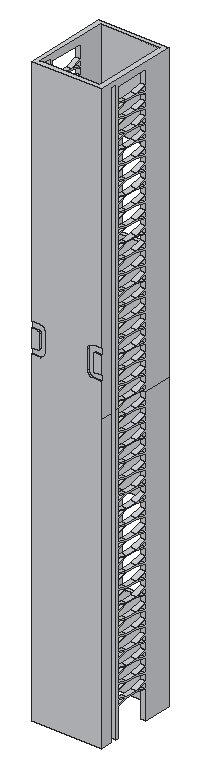
Revit family
Parameters
  Material ID = "760072926"
  Description = "Vertical Cable Management Kit, 10in X 96in (254mm X 2438mm) Single Sided, With Door, Silver\r\nical Cable Management Kit, 6in X 84in (152mm X 2134mm) Single Sided, With Door, Black\r\nVertical Cable Management Kit, 6in X 84in (152mm X 2134mm) Single Sided, With Door, Black\r\nVERTICAL CABLE MANAGEMENT KIT, 6IN X 84IN(152MM X 2134MM) SINGLE SIDED, WITH DOOR, BLACK"
Reference planes (in)
  plane 1 "Center (Front/Back)": y = 0
  plane 2: z = 0
  plane 3 "Center (Left/Right)": x = 0
Forms (in)
  Extrusion 1, void, not visible
    sketch origin (0, 0, 0) x (1, 0, 0) y (0, 0, 1)
      loop
        line (-7.85662, 0.48089) -> (-7.85662, -0.39002) -> (-7.67285, -0.39002) -> (-7.67285, -0.64002) -> (-7.0736, -0.64002) -> (-7.0736, -0.39002) -> (-6.92978, -0.39002) -> (-6.92978, 0.48089) -> (-7.85662, 0.48089)
    from -3.79215 to 12
  Extrusion 2, void, not visible
    sketch origin (0, 0, 0) x (1, 0, 0) y (0, 0, 1)
      loop
        line (-8.21397, 0.42583) -> (-8.21397, -0.07417) -> (-8.08657, -0.07417) -> (-8.08657, -0.27417) -> (-7.83657, -0.27417) -> (-7.83657, -0.07417) -> (-7.72497, -0.07417) -> (-7.72497, 0.42583) -> (-8.21397, 0.42583)
    from 0.74059 to 3.34334
  Extrusion 3, solid
    sketch origin (0, 0, 0) x (1, 0, 0) y (0, 0, 1)
      loop
        line (5, 42) -> (-5, 42) -> (-5, -42) -> (5, -42) -> (5, 0) -> (5, 42)
    from 11.281 to -0.669
  Extrusion 4, void
    sketch origin (0, 0, 0) x (1, 0, 0) y (0, 0, 1)
      loop
        line (-5, 9.00056) -> (-5, 8.06684) -> (-4.1, 8.06684)
        arc (-4.1, 8.06684) -> (-3.88787, 7.97898) -> (-3.8, 7.76684) r 0.3
        line (-3.8, 7.76684) -> (-3.8, 5.85056)
        arc (-3.8, 5.85056) -> (-3.88787, 5.63843) -> (-4.1, 5.55056) r 0.3
        line (-4.1, 5.55056) -> (-5, 5.55056) -> (-5, 4.75056) -> (-3.8, 4.75056)
        arc (-3.8, 4.75056) -> (-3.23431, 4.98488) -> (-3, 5.55056) r 0.8
        line (-3, 5.55056) -> (-3, 8.20056)
        arc (-3, 8.20056) -> (-3.23431, 8.76625) -> (-3.8, 9.00056) r 0.8
        line (-3.8, 9.00056) -> (-5, 9.00056)
      loop
        line (5, 9.00056) -> (3.8, 9.00056)
        arc (3.8, 9.00056) -> (3.23431, 8.76625) -> (3, 8.20056) r 0.8
        line (3, 8.20056) -> (3, 5.55056)
        arc (3, 5.55056) -> (3.23431, 4.98488) -> (3.8, 4.75056) r 0.8
        line (3.8, 4.75056) -> (5, 4.75056) -> (5, 5.55056) -> (4.1, 5.55056)
        arc (4.1, 5.55056) -> (3.88787, 5.63843) -> (3.8, 5.85056) r 0.3
        line (3.8, 5.85056) -> (3.8, 7.76684)
        arc (3.8, 7.76684) -> (3.88787, 7.97898) -> (4.1, 8.06684) r 0.3
        line (4.1, 8.06684) -> (5, 8.06684) -> (5, 9.00056)
    from 11.08569 to 11.281
  Extrusion 5, void
    sketch origin (0, 0, 0) x (1, 0, 0) y (0, 1, 0)
      loop
        line (4.20983, 0.0885) -> (-4.29017, 0.0885) -> (-4.29017, -10.6615) -> (4.20983, -10.6615) -> (4.20983, 0.0885)
    from -58.88014 to 54.97812
  Extrusion 6, void
    sketch origin (0, 0, 0) x (0, 1, 0) y (0, 0, 1)
      loop
        line (-3.37841, 39.06909) -> (-3.37841, 41.06909) -> (-8.50915, 41.06909) -> (-8.50915, 39.06909) -> (-6.81878, 38.61615) -> (-5.06878, 38.61615) -> (-3.37841, 39.06909)
      loop
        line (-3.37841, 38.06909) -> (-5.06878, 38.52202) -> (-6.81878, 38.52202) -> (-8.50915, 38.06909) -> (-8.50915, 37.81909) -> (-8.50915, 37.06909) -> (-6.81878, 36.61615) -> (-5.06878, 36.61615) -> (-3.37841, 37.06909) -> (-3.37841, 37.81909) -> (-3.37841, 38.06909)
      loop
        line (-3.37841, 39.00985) -> (-4.9864, 38.57899) -> (-3.37841, 38.14813) -> (-3.37841, 39.00985)
      loop
        line (-8.50915, 39.00985) -> (-8.50915, 38.14813) -> (-6.90115, 38.57899) -> (-8.50915, 39.00985)
      loop
        line (-3.37841, 36.06909) -> (-5.06878, 36.52202) -> (-6.81878, 36.52202) -> (-8.50915, 36.06909) -> (-8.50915, 35.06909) -> (-6.81878, 34.61615) -> (-5.06878, 34.61615) -> (-3.37841, 35.06909) -> (-3.37841, 36.06909)
      loop
        line (-3.37841, 37.00985) -> (-4.9864, 36.57899) -> (-3.37841, 36.14813) -> (-3.37841, 37.00985)
      loop
        line (-8.50915, 37.00985) -> (-8.50915, 36.14813) -> (-6.90115, 36.57899) -> (-8.50915, 37.00985)
      loop
        line (-3.37841, 34.06909) -> (-5.06878, 34.52202) -> (-6.81878, 34.52202) -> (-8.50915, 34.06909) -> (-8.50915, 33.06909) -> (-6.81878, 32.61615) -> (-5.06878, 32.61615) -> (-3.37841, 33.06909) -> (-3.37841, 34.06909)
      loop
        line (-3.37841, 35.00985) -> (-4.9864, 34.57899) -> (-3.37841, 34.14813) -> (-3.37841, 35.00985)
      loop
        line (-8.50915, 35.00985) -> (-8.50915, 34.14813) -> (-6.90115, 34.57899) -> (-8.50915, 35.00985)
      loop
        line (-3.37841, 32.06909) -> (-5.06878, 32.52202) -> (-6.81878, 32.52202) -> (-8.50915, 32.06909) -> (-8.50915, 31.06909) -> (-6.81878, 30.61615) -> (-5.06878, 30.61615) -> (-3.37841, 31.06909) -> (-3.37841, 32.06909)
      loop
        line (-3.37841, 33.00985) -> (-4.9864, 32.57899) -> (-3.37841, 32.14813) -> (-3.37841, 33.00985)
      loop
        line (-8.50915, 33.00985) -> (-8.50915, 32.14813) -> (-6.90115, 32.57899) -> (-8.50915, 33.00985)
      loop
        line (-3.37841, 30.06909) -> (-5.06878, 30.52202) -> (-6.81878, 30.52202) -> (-8.50915, 30.06909) -> (-8.50915, 29.06909) -> (-6.81878, 28.61615) -> (-5.06878, 28.61615) -> (-3.37841, 29.06909) -> (-3.37841, 30.06909)
      loop
        line (-3.37841, 31.00985) -> (-4.9864, 30.57899) -> (-3.37841, 30.14813) -> (-3.37841, 31.00985)
      loop
        line (-8.50915, 31.00985) -> (-8.50915, 30.14813) -> (-6.90115, 30.57899) -> (-8.50915, 31.00985)
      loop
        line (-3.37841, 28.06909) -> (-5.06878, 28.52202) -> (-6.81878, 28.52202) -> (-8.50915, 28.06909) -> (-8.50915, 27.06909) -> (-6.81878, 26.61615) -> (-5.06878, 26.61615) -> (-3.37841, 27.06909) -> (-3.37841, 28.06909)
      loop
        line (-3.37841, 29.00985) -> (-4.9864, 28.57899) -> (-3.37841, 28.14813) -> (-3.37841, 29.00985)
      loop
        line (-8.50915, 29.00985) -> (-8.50915, 28.14813) -> (-6.90115, 28.57899) -> (-8.50915, 29.00985)
      loop
        line (-3.37841, 26.06909) -> (-5.06878, 26.52202) -> (-6.81878, 26.52202) -> (-8.50915, 26.06909) -> (-8.50915, 25.06909) -> (-6.81878, 24.61615) -> (-5.06878, 24.61615) -> (-3.37841, 25.06909) -> (-3.37841, 26.06909)
      loop
        line (-3.37841, 27.00985) -> (-4.9864, 26.57899) -> (-3.37841, 26.14813) -> (-3.37841, 27.00985)
      loop
        line (-8.50915, 27.00985) -> (-8.50915, 26.14813) -> (-6.90115, 26.57899) -> (-8.50915, 27.00985)
      loop
        line (-3.37841, 24.06909) -> (-5.06878, 24.52202) -> (-6.81878, 24.52202) -> (-8.50915, 24.06909) -> (-8.50915, 23.06909) -> (-6.81878, 22.61615) -> (-5.06878, 22.61615) -> (-3.37841, 23.06909) -> (-3.37841, 24.06909)
      loop
        line (-3.37841, 25.00985) -> (-4.9864, 24.57899) -> (-3.37841, 24.14813) -> (-3.37841, 25.00985)
      loop
        line (-8.50915, 25.00985) -> (-8.50915, 24.14813) -> (-6.90115, 24.57899) -> (-8.50915, 25.00985)
      loop
        line (-3.37841, 22.06909) -> (-5.06878, 22.52202) -> (-6.81878, 22.52202) -> (-8.50915, 22.06909) -> (-8.50915, 21.06909) -> (-6.81878, 20.61615) -> (-5.06878, 20.61615) -> (-3.37841, 21.06909) -> (-3.37841, 22.06909)
      loop
        line (-3.37841, 23.00985) -> (-4.9864, 22.57899) -> (-3.37841, 22.14813) -> (-3.37841, 23.00985)
      loop
        line (-8.50915, 23.00985) -> (-8.50915, 22.14813) -> (-6.90115, 22.57899) -> (-8.50915, 23.00985)
      loop
        line (-3.37841, 20.06909) -> (-5.06878, 20.52202) -> (-6.81878, 20.52202) -> (-8.50915, 20.06909) -> (-8.50915, 19.06909) -> (-6.81878, 18.61615) -> (-5.06878, 18.61615) -> (-3.37841, 19.06909) -> (-3.37841, 20.06909)
      loop
        line (-3.37841, 21.00985) -> (-4.9864, 20.57899) -> (-3.37841, 20.14813) -> (-3.37841, 21.00985)
      loop
        line (-8.50915, 21.00985) -> (-8.50915, 20.14813) -> (-6.90115, 20.57899) -> (-8.50915, 21.00985)
      loop
        line (-3.37841, 18.06909) -> (-5.06878, 18.52202) -> (-6.81878, 18.52202) -> (-8.50915, 18.06909) -> (-8.50915, 17.06909) -> (-6.81878, 16.61615) -> (-5.06878, 16.61615) -> (-3.37841, 17.06909) -> (-3.37841, 18.06909)
      loop
        line (-3.37841, 19.00985) -> (-4.9864, 18.57899) -> (-3.37841, 18.14813) -> (-3.37841, 19.00985)
      loop
        line (-8.50915, 19.00985) -> (-8.50915, 18.14813) -> (-6.90115, 18.57899) -> (-8.50915, 19.00985)
      loop
        line (-3.37841, 16.06909) -> (-5.06878, 16.52202) -> (-6.81878, 16.52202) -> (-8.50915, 16.06909) -> (-8.50915, 15.06909) -> (-6.81878, 14.61615) -> (-5.06878, 14.61615) -> (-3.37841, 15.06909) -> (-3.37841, 16.06909)
      loop
        line (-3.37841, 17.00985) -> (-4.9864, 16.57899) -> (-3.37841, 16.14813) -> (-3.37841, 17.00985)
      loop
        line (-8.50915, 17.00985) -> (-8.50915, 16.14813) -> (-6.90115, 16.57899) -> (-8.50915, 17.00985)
      loop
        line (-3.37841, 14.06909) -> (-5.06878, 14.52202) -> (-6.81878, 14.52202) -> (-8.50915, 14.06909) -> (-8.50915, 13.06909) -> (-6.81878, 12.61615) -> (-5.06878, 12.61615) -> (-3.37841, 13.06909) -> (-3.37841, 14.06909)
      loop
        line (-3.37841, 15.00985) -> (-4.9864, 14.57899) -> (-3.37841, 14.14813) -> (-3.37841, 15.00985)
      loop
        line (-8.50915, 15.00985) -> (-8.50915, 14.14813) -> (-6.90115, 14.57899) -> (-8.50915, 15.00985)
      loop
        line (-3.37841, 12.06909) -> (-5.06878, 12.52202) -> (-6.81878, 12.52202) -> (-8.50915, 12.06909) -> (-8.50915, 11.06909) -> (-6.81878, 10.61615) -> (-5.06878, 10.61615) -> (-3.37841, 11.06909) -> (-3.37841, 12.06909)
      loop
        line (-3.37841, 13.00985) -> (-4.9864, 12.57899) -> (-3.37841, 12.14813) -> (-3.37841, 13.00985)
      loop
        line (-8.50915, 13.00985) -> (-8.50915, 12.14813) -> (-6.90115, 12.57899) -> (-8.50915, 13.00985)
      loop
        line (-3.37841, 10.06909) -> (-5.06878, 10.52202) -> (-6.81878, 10.52202) -> (-8.50915, 10.06909) -> (-8.50915, 9.06909) -> (-6.81878, 8.61615) -> (-5.06878, 8.61615) -> (-3.37841, 9.06909) -> (-3.37841, 10.06909)
      loop
        line (-3.37841, 11.00985) -> (-4.9864, 10.57899) -> (-3.37841, 10.14813) -> (-3.37841, 11.00985)
      loop
        line (-8.50915, 11.00985) -> (-8.50915, 10.14813) -> (-6.90115, 10.57899) -> (-8.50915, 11.00985)
      loop
        line (-3.37841, 8.06909) -> (-5.06878, 8.52202) -> (-6.81878, 8.52202) -> (-8.50915, 8.06909) -> (-8.50915, 7.06909) -> (-6.81878, 6.61615) -> (-5.06878, 6.61615) -> (-3.37841, 7.06909) -> (-3.37841, 8.06909)
      loop
        line (-3.37841, 9.00985) -> (-4.9864, 8.57899) -> (-3.37841, 8.14813) -> (-3.37841, 9.00985)
      loop
        line (-8.50915, 9.00985) -> (-8.50915, 8.14813) -> (-6.90115, 8.57899) -> (-8.50915, 9.00985)
      loop
        line (-3.37841, 6.06909) -> (-5.06878, 6.52202) -> (-6.81878, 6.52202) -> (-8.50915, 6.06909) -> (-8.50915, 5.06909) -> (-6.81878, 4.61615) -> (-5.06878, 4.61615) -> (-3.37841, 5.06909) -> (-3.37841, 6.06909)
      loop
        line (-3.37841, 7.00985) -> (-4.9864, 6.57899) -> (-3.37841, 6.14813) -> (-3.37841, 7.00985)
      loop
        line (-8.50915, 7.00985) -> (-8.50915, 6.14813) -> (-6.90115, 6.57899) -> (-8.50915, 7.00985)
      loop
        line (-3.37841, 4.06909) -> (-5.06878, 4.52202) -> (-6.81878, 4.52202) -> (-8.50915, 4.06909) -> (-8.50915, 3.06909) -> (-6.81878, 2.61615) -> (-5.06878, 2.61615) -> (-3.37841, 3.06909) -> (-3.37841, 4.06909)
      loop
        line (-3.37841, 5.00985) -> (-4.9864, 4.57899) -> (-3.37841, 4.14813) -> (-3.37841, 5.00985)
      loop
        line (-8.50915, 5.00985) -> (-8.50915, 4.14813) -> (-6.90115, 4.57899) -> (-8.50915, 5.00985)
      loop
        line (-3.37841, 2.06909) -> (-5.06878, 2.52202) -> (-6.81878, 2.52202) -> (-8.50915, 2.06909) -> (-8.50915, 1.06909) -> (-6.81878, 0.61615) -> (-5.06878, 0.61615) -> (-3.37841, 1.06909) -> (-3.37841, 2.06909)
      loop
        line (-3.37841, 3.00985) -> (-4.9864, 2.57899) -> (-3.37841, 2.14813) -> (-3.37841, 3.00985)
      loop
        line (-8.50915, 3.00985) -> (-8.50915, 2.14813) -> (-6.90115, 2.57899) -> (-8.50915, 3.00985)
      loop
        line (-3.37841, 0.06909) -> (-5.06878, 0.52202) -> (-6.81878, 0.52202) -> (-8.50915, 0.06909) -> (-8.50915, -0.93091) -> (-6.81878, -1.38385) -> (-5.06878, -1.38385) -> (-3.37841, -0.93091) -> (-3.37841, 0.06909)
      loop
        line (-3.37841, 1.00985) -> (-4.9864, 0.57899) -> (-3.37841, 0.14813) -> (-3.37841, 1.00985)
      loop
        line (-8.50915, 1.00985) -> (-8.50915, 0.14813) -> (-6.90115, 0.57899) -> (-8.50915, 1.00985)
      loop
        line (-3.37841, -1.93091) -> (-5.06878, -1.47798) -> (-6.81878, -1.47798) -> (-8.50915, -1.93091) -> (-8.50915, -2.93091) -> (-6.81878, -3.38385) -> (-5.06878, -3.38385) -> (-3.37841, -2.93091) -> (-3.37841, -1.93091)
      loop
        line (-3.37841, -0.99015) -> (-4.9864, -1.42101) -> (-3.37841, -1.85187) -> (-3.37841, -0.99015)
      loop
        line (-8.50915, -0.99015) -> (-8.50915, -1.85187) -> (-6.90115, -1.42101) -> (-8.50915, -0.99015)
      loop
        line (-3.37841, -3.93091) -> (-5.06878, -3.47798) -> (-6.81878, -3.47798) -> (-8.50915, -3.93091) -> (-8.50915, -4.93091) -> (-6.81878, -5.38385) -> (-5.06878, -5.38385) -> (-3.37841, -4.93091) -> (-3.37841, -3.93091)
      loop
        line (-3.37841, -2.99015) -> (-4.9864, -3.42101) -> (-3.37841, -3.85187) -> (-3.37841, -2.99015)
      loop
        line (-8.50915, -2.99015) -> (-8.50915, -3.85187) -> (-6.90115, -3.42101) -> (-8.50915, -2.99015)
      loop
        line (-3.37841, -5.93091) -> (-5.06878, -5.47798) -> (-6.81878, -5.47798) -> (-8.50915, -5.93091) -> (-8.50915, -6.93091) -> (-6.81878, -7.38385) -> (-5.06878, -7.38385) -> (-3.37841, -6.93091) -> (-3.37841, -5.93091)
      loop
        line (-3.37841, -4.99015) -> (-4.9864, -5.42101) -> (-3.37841, -5.85187) -> (-3.37841, -4.99015)
      loop
        line (-8.50915, -4.99015) -> (-8.50915, -5.85187) -> (-6.90115, -5.42101) -> (-8.50915, -4.99015)
      loop
        line (-3.37841, -7.93091) -> (-5.06878, -7.47798) -> (-6.81878, -7.47798) -> (-8.50915, -7.93091) -> (-8.50915, -8.93091) -> (-6.81878, -9.38385) -> (-5.06878, -9.38385) -> (-3.37841, -8.93091) -> (-3.37841, -7.93091)
      loop
        line (-3.37841, -6.99015) -> (-4.9864, -7.42101) -> (-3.37841, -7.85187) -> (-3.37841, -6.99015)
      loop
        line (-8.50915, -6.99015) -> (-8.50915, -7.85187) -> (-6.90115, -7.42101) -> (-8.50915, -6.99015)
      loop
        line (-3.37841, -9.93091) -> (-5.06878, -9.47798) -> (-6.81878, -9.47798) -> (-8.50915, -9.93091) -> (-8.50915, -10.93091) -> (-6.81878, -11.38385) -> (-5.06878, -11.38385) -> (-3.37841, -10.93091) -> (-3.37841, -9.93091)
      loop
        line (-3.37841, -8.99015) -> (-4.9864, -9.42101) -> (-3.37841, -9.85187) -> (-3.37841, -8.99015)
      loop
        line (-8.50915, -8.99015) -> (-8.50915, -9.85187) -> (-6.90115, -9.42101) -> (-8.50915, -8.99015)
      loop
        line (-3.37841, -11.93091) -> (-5.06878, -11.47798) -> (-6.81878, -11.47798) -> (-8.50915, -11.93091) -> (-8.50915, -12.93091) -> (-6.81878, -13.38385) -> (-5.06878, -13.38385) -> (-3.37841, -12.93091) -> (-3.37841, -11.93091)
      loop
        line (-3.37841, -10.99015) -> (-4.9864, -11.42101) -> (-3.37841, -11.85187) -> (-3.37841, -10.99015)
      loop
        line (-8.50915, -10.99015) -> (-8.50915, -11.85187) -> (-6.90115, -11.42101) -> (-8.50915, -10.99015)
      loop
        line (-3.37841, -13.93091) -> (-5.06878, -13.47798) -> (-6.81878, -13.47798) -> (-8.50915, -13.93091) -> (-8.50915, -14.93091) -> (-6.81878, -15.38385) -> (-5.06878, -15.38385) -> (-3.37841, -14.93091) -> (-3.37841, -13.93091)
      loop
        line (-3.37841, -12.99015) -> (-4.9864, -13.42101) -> (-3.37841, -13.85187) -> (-3.37841, -12.99015)
      loop
        line (-8.50915, -12.99015) -> (-8.50915, -13.85187) -> (-6.90115, -13.42101) -> (-8.50915, -12.99015)
      loop
        line (-3.37841, -15.93091) -> (-5.06878, -15.47798) -> (-6.81878, -15.47798) -> (-8.50915, -15.93091) -> (-8.50915, -16.93091) -> (-6.81878, -17.38385) -> (-5.06878, -17.38385) -> (-3.37841, -16.93091) -> (-3.37841, -15.93091)
      loop
        line (-3.37841, -14.99015) -> (-4.9864, -15.42101) -> (-3.37841, -15.85187) -> (-3.37841, -14.99015)
      loop
        line (-8.50915, -14.99015) -> (-8.50915, -15.85187) -> (-6.90115, -15.42101) -> (-8.50915, -14.99015)
      loop
        line (-3.37841, -17.93091) -> (-5.06878, -17.47798) -> (-6.81878, -17.47798) -> (-8.50915, -17.93091) -> (-8.50915, -18.93091) -> (-6.81878, -19.38385) -> (-5.06878, -19.38385) -> (-3.37841, -18.93091) -> (-3.37841, -17.93091)
      loop
        line (-3.37841, -16.99015) -> (-4.9864, -17.42101) -> (-3.37841, -17.85187) -> (-3.37841, -16.99015)
      loop
        line (-8.50915, -16.99015) -> (-8.50915, -17.85187) -> (-6.90115, -17.42101) -> (-8.50915, -16.99015)
      loop
        line (-3.37841, -19.93091) -> (-5.06878, -19.47798) -> (-6.81878, -19.47798) -> (-8.50915, -19.93091) -> (-8.50915, -20.93091) -> (-6.81878, -21.38385) -> (-5.06878, -21.38385) -> (-3.37841, -20.93091) -> (-3.37841, -19.93091)
      loop
        line (-3.37841, -18.99015) -> (-4.9864, -19.42101) -> (-3.37841, -19.85187) -> (-3.37841, -18.99015)
      loop
        line (-8.50915, -18.99015) -> (-8.50915, -19.85187) -> (-6.90115, -19.42101) -> (-8.50915, -18.99015)
      loop
        line (-3.37841, -21.93091) -> (-5.06878, -21.47798) -> (-6.81878, -21.47798) -> (-8.50915, -21.93091) -> (-8.50915, -22.93091) -> (-6.81878, -23.38385) -> (-5.06878, -23.38385) -> (-3.37841, -22.93091) -> (-3.37841, -21.93091)
      loop
        line (-3.37841, -20.99015) -> (-4.9864, -21.42101) -> (-3.37841, -21.85187) -> (-3.37841, -20.99015)
      loop
        line (-8.50915, -20.99015) -> (-8.50915, -21.85187) -> (-6.90115, -21.42101) -> (-8.50915, -20.99015)
      loop
        line (-3.37841, -23.93091) -> (-5.06878, -23.47798) -> (-6.81878, -23.47798) -> (-8.50915, -23.93091) -> (-8.50915, -24.93091) -> (-6.81878, -25.38385) -> (-5.06878, -25.38385) -> (-3.37841, -24.93091) -> (-3.37841, -23.93091)
      loop
        line (-3.37841, -22.99015) -> (-4.9864, -23.42101) -> (-3.37841, -23.85187) -> (-3.37841, -22.99015)
      loop
        line (-8.50915, -22.99015) -> (-8.50915, -23.85187) -> (-6.90115, -23.42101) -> (-8.50915, -22.99015)
      loop
        line (-3.37841, -25.93091) -> (-5.06878, -25.47798) -> (-6.81878, -25.47798) -> (-8.50915, -25.93091) -> (-8.50915, -26.93091) -> (-6.81878, -27.38385) -> (-5.06878, -27.38385) -> (-3.37841, -26.93091) -> (-3.37841, -25.93091)
      loop
        line (-3.37841, -24.99015) -> (-4.9864, -25.42101) -> (-3.37841, -25.85187) -> (-3.37841, -24.99015)
      loop
        line (-8.50915, -24.99015) -> (-8.50915, -25.85187) -> (-6.90115, -25.42101) -> (-8.50915, -24.99015)
      loop
        line (-3.37841, -27.93091) -> (-5.06878, -27.47798) -> (-6.81878, -27.47798) -> (-8.50915, -27.93091) -> (-8.50915, -28.93091) -> (-6.81878, -29.38385) -> (-5.06878, -29.38385) -> (-3.37841, -28.93091) -> (-3.37841, -27.93091)
      loop
        line (-3.37841, -26.99015) -> (-4.9864, -27.42101) -> (-3.37841, -27.85187) -> (-3.37841, -26.99015)
      loop
        line (-8.50915, -26.99015) -> (-8.50915, -27.85187) -> (-6.90115, -27.42101) -> (-8.50915, -26.99015)
      loop
        line (-3.37841, -29.93091) -> (-5.06878, -29.47798) -> (-6.81878, -29.47798) -> (-8.50915, -29.93091) -> (-8.50915, -30.93091) -> (-6.81878, -31.38385) -> (-5.06878, -31.38385) -> (-3.37841, -30.93091) -> (-3.37841, -29.93091)
      loop
        line (-3.37841, -28.99015) -> (-4.9864, -29.42101) -> (-3.37841, -29.85187) -> (-3.37841, -28.99015)
      loop
        line (-8.50915, -28.99015) -> (-8.50915, -29.85187) -> (-6.90115, -29.42101) -> (-8.50915, -28.99015)
      loop
        line (-3.37841, -31.93091) -> (-5.06878, -31.47798) -> (-6.81878, -31.47798) -> (-8.50915, -31.93091) -> (-8.50915, -32.93091) -> (-6.81878, -33.38385) -> (-5.06878, -33.38385) -> (-3.37841, -32.93091) -> (-3.37841, -31.93091)
      loop
        line (-3.37841, -30.99015) -> (-4.9864, -31.42101) -> (-3.37841, -31.85187) -> (-3.37841, -30.99015)
      loop
        line (-8.50915, -30.99015) -> (-8.50915, -31.85187) -> (-6.90115, -31.42101) -> (-8.50915, -30.99015)
      loop
        line (-3.37841, -33.93091) -> (-5.06878, -33.47798) -> (-6.81878, -33.47798) -> (-8.50915, -33.93091) -> (-8.50915, -34.93091) -> (-6.81878, -35.38385) -> (-5.06878, -35.38385) -> (-3.37841, -34.93091) -> (-3.37841, -33.93091)
      loop
        line (-3.37841, -32.99015) -> (-4.9864, -33.42101) -> (-3.37841, -33.85187) -> (-3.37841, -32.99015)
      loop
        line (-8.50915, -32.99015) -> (-8.50915, -33.85187) -> (-6.90115, -33.42101) -> (-8.50915, -32.99015)
      loop
        line (-3.37841, -35.93091) -> (-5.06878, -35.47798) -> (-6.81878, -35.47798) -> (-8.50915, -35.93091) -> (-8.50915, -36.93091) -> (-6.81878, -37.38385) -> (-5.06878, -37.38385) -> (-3.37841, -36.93091) -> (-3.37841, -35.93091)
      loop
        line (-3.37841, -34.99015) -> (-4.9864, -35.42101) -> (-3.37841, -35.85187) -> (-3.37841, -34.99015)
      loop
        line (-8.50915, -34.99015) -> (-8.50915, -35.85187) -> (-6.90115, -35.42101) -> (-8.50915, -34.99015)
      loop
        line (-3.37841, -37.93091) -> (-5.06878, -37.47798) -> (-6.81878, -37.47798) -> (-8.50915, -37.93091) -> (-8.50915, -42) -> (-3.37841, -42) -> (-3.37841, -37.93091)
      loop
        line (-3.37841, -36.99015) -> (-4.9864, -37.42101) -> (-3.37841, -37.85187) -> (-3.37841, -36.99015)
      loop
        line (-8.50915, -36.99015) -> (-8.50915, -37.85187) -> (-6.90115, -37.42101) -> (-8.50915, -36.99015)
    from -16.16264 to 12
  Extrusion 7, void
    sketch origin (0, 0, 0) x (0, 1, 0) y (0, 0, 1)
      loop
        line (-9.74802, 41.47806) -> (-9.74802, -42) -> (-8.75915, -42) -> (-8.75915, 41.47806) -> (-9.74802, 41.47806)
    from -16.48531 to 12
  Extrusion 8, void
    sketch origin (0, 0, 0) x (1, 0, 0) y (0, 0, 1)
      loop
        line (1.49935, 28.88043) -> (-1.75065, 28.88043) -> (-1.75065, 16.13043) -> (1.49935, 16.13043) -> (1.49935, 28.88043)
      loop
        line (1.49935, -28.88043) -> (1.49935, -16.13043) -> (-1.75065, -16.13043) -> (-1.75065, -28.88043) -> (1.49935, -28.88043)
    from -9.86946 to 1.00595
Cuts and joins
  Extrusion 4, Extrusion 5, Extrusion 6, Extrusion 7, Extrusion 8 cuts Extrusion 3
